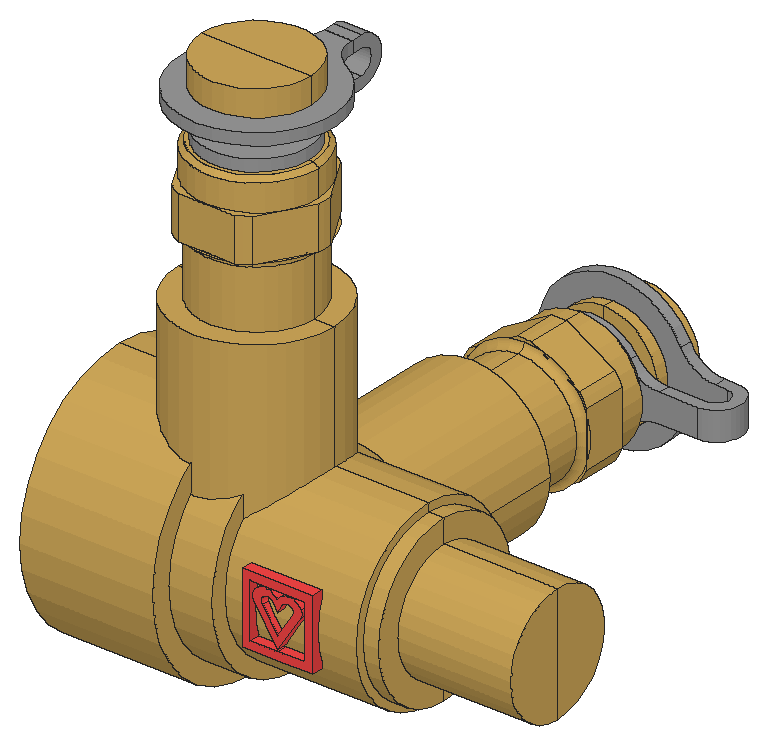
Revit family "HERZ измерительная диафрагма 4000_LF_MF", category Rohrzubehör, Revit 2020
Family settings
  Bemaßung runder Anschluss = Durchmesser verwenden
  Teiletyp = Unterbricht
  OmniClass-Nummer = 23.65.55.14
  OmniClass-Titel = Valves for Liquid Services
  Arbeitsebenenbasiert = Nein
  Immer vertikal = Ja
  Beim Laden mit Abzugskörper schneiden = Nein
  Gemeinsam genutzt = Nein
Parameters (values of type "LF")
  Среда = "Качество теплоносителя в соответствии с ÖNORM H5195 и VDI 2035.\r\nДопускается использование этилен- и пропиленгликоля в объемном соотношении 25-50 % с водой."
  Применение = "HERZ-измерительные диафрагмы устанавливаются на участках трубопроводов в системах отопления и холодоснабжения.\r\nИзмерительные диафрагмы могут устанавливаться как на подающей, так и на обратной линиях.\r\nОни устанавливаются либо вплотную к HERZ балансировочному клапану, образуя комплект, либо используются вместе с HERZ запорным клапаном.\r\nУчастки балансируются с помощью настроек балансировочного клапана при измерении потери давления на измерительной диафрагме."
  Номер заказа [instance] = if(and(LF, Nennweite = 15.00 mm), 1400011, if(and(MF, Nennweite = 15.00 mm), 1400021, 0))  # 1400011
  Мин. рабочая температура = -20 °C  # constant formula
  Макс. рабочее давление = 2000000.0 Pa  # constant formula
  Корпус = "латунь, CC770S"  # constant formula
  Исполнение = "Корпус измерительной диафрагмы выполнен из латуни, устойчивой к селективной цинковой коррозии.\r\nДва измерительных клапана встроены в диафрагму.\r\nСогласно EN 10226 на входе в диафрагму - муфта с внутренней резьба Rp и на выходе - наружная резьба R."
  kvs-значения [instance] = if(and(LF, Nennweite = 15.00 mm), 0.55, if(and(MF, Nennweite = 15.00 mm), 1.1, 0))  # 0.55
  Vorgabe-Ansicht = 0.00 mm
  URL = "www.herz-armaturen.ru"
  SCRNSEQ = "AWI;AWI_TYP=\"1001\";02"
  SCRNCODE = "02;01;02"  # constant formula
  S03 = 10.00 mm  # constant formula
  S02 [instance] = S01 - 10.00 mm  # 17.50 mm
  S01 [instance] = H01  # 27.50 mm
  R01 [instance] = 10.00 mm  # constant formula
  Nennweite [instance] = 15.00 mm  # constant formula
  Измерительные клапаны = "латунь, CW602N"  # constant formula
  Макс. рабочая температура (до DN32) = 130 °C  # constant formula
  Макс. рабочая температура (от DN40) = 110 °C  # constant formula
  MF = no
  LO01 [instance] = 30.00 mm  # constant formula
  LF = yes
  L05 [instance] = 23.00 mm  # constant formula
  L04 [instance] = 16.50 mm  # constant formula
  L03 [instance] = 22.60 mm  # constant formula
  L02 [instance] = 17.00 mm  # constant formula
  L01 [instance] = 17.50 mm  # constant formula
  L00 [instance] = 56.00 mm  # constant formula
  IG [instance] = Nennweite / 2  # 7.50 mm
  Hersteller = "HERZ Armaturen Ges.m.b.H."  # constant formula
  H01 [instance] = 27.50 mm  # constant formula
  GT1 [instance] = 14.50 mm  # constant formula
  GT [instance] = 13.00 mm  # constant formula
  D04 [instance] = D03 - 1.00 mm  # 10.50 mm
  D03 [instance] = 11.50 mm  # constant formula
  D02 [instance] = 13.50 mm  # constant formula
  D01 [instance] = 16.00 mm  # constant formula
  AG [instance] = Nennweite / 2  # 7.50 mm
Types (3, lengths in mm): name | Номер заказа | kvs-значения | MF | LF
  (no name) | 1400011 | 0.55 | no | yes
  LF | 1400011 | 0.55 | no | yes
  MF | 1400021 | 1.1 | yes | no
Reference planes
  plane 1 "Mitte (Vorne/hinten)": y = 0
  plane 2: z = 0
  plane 3 "Mitte (Links/rechts)": x = 0
Forms (mm)
  Revolve 1, solid, material "Messing, weicher Gelbton, geschweißt", detail levels fine
    sketch origin (0, 0, 0) x (1, 0, 0) y (0, 0, 1)
      loop
        line (-4.5, 0) -> (38.5, 0) -> (38.5, 7.5) -> (24, 7.5) -> (24, 10.5) -> (22, 10.5) -> (22, 11.5) -> (5.1, 11.5) -> (5.1, 13.5) -> (-0.5, 13.5) -> (-0.5, 16) -> (-17.5, 16) -> (-17.5, 7.5) -> (-4.5, 7.5) -> (-4.5, 0)
      axis (-17.5, 0) -> (38.5, 0)
    angle from 0 to 360
  Revolve 2, solid, material "Messing, weicher Gelbton, geschweißt", detail levels fine
    sketch origin (0, 0, 0) x (1, 0, 0) y (0, 0, 1)
      loop
        line (-10, 7.5) -> (0, 7.5) -> (0, 27.5) -> (-10, 27.5) -> (-10, 7.5)
      axis (0, 27.5) -> (0, 7.5)
    angle from 0 to 360
  Revolve 3, solid, material "Messing, weicher Gelbton, geschweißt", detail levels fine
    sketch origin (0, 0, 0) x (1, 0, 0) y (0, 1, 0)
      loop
        line (5.5, 7.5) -> (15.5, 7.5) -> (15.5, 27.5) -> (5.5, 27.5) -> (5.5, 7.5)
      axis (5.5, 27.5) -> (5.5, 7.5)
    angle from 0 to 360
Lines and regions (mm)
  model lines, detail levels coarse+medium
    curve 1: line (-17.5, 0, 0) -> (0.5, 0, 0)
    curve 2: line (10.5, 0, -27.5) -> (10.5, 0, 27.5)
    curve 3: line (20.5, 0, 17.5) -> (20.5, 0, -17.5)
    curve 4: line (20.5, 0, 0) -> (38.5, 0, 0)
    curve 5: line (0.5, 0, 17.5) -> (0.5, 0, -17.5)
    curve 6: line (-17.5, 0, 0) -> (0.5, 0, 0)
    curve 7: line (10.5, 27.5, 0) -> (10.5, -27.5, 0)
    curve 8: line (0.5, 17.5, 0) -> (0.5, -17.5, 0)
    curve 9: line (20.5, 17.5, 0) -> (20.5, -17.5, 0)
    curve 10: line (20.5, 0, 0) -> (38.5, 0, 0)
Dimensions and locks
  "L00": Revolve 1 sketch curve to Revolve 1 sketch curve
  "GT": Revolve 1 sketch curve to Revolve 1 sketch curve
  "L01": plane 3 "Mitte (Links/rechts)" to Revolve 1 sketch curve
  "GT1": Revolve 1 sketch curve to Revolve 1 sketch curve
  "L02": Revolve 1 sketch curve to Revolve 1 sketch curve
  "L03": Revolve 1 sketch curve to Revolve 1 sketch curve
  "L04": Revolve 1 sketch curve to Revolve 1 sketch curve
  "AG": Revolve 1 sketch curve to plane 2
  "IG": Revolve 1 sketch curve to plane 2
  "D01": Revolve 1 sketch curve to plane 2
  "D02": Revolve 1 sketch curve to plane 2
  "D03": Revolve 1 sketch curve to plane 2
  "D04": Revolve 1 sketch curve to plane 2
  "D03": nested 1 to plane 1 "Mitte (Vorne/hinten)"
  "LO01": Revolve 1 to nested 1
  "IG": Revolve 2 sketch curve to plane 2
  "H01": Revolve 2 sketch curve to plane 2
  "R01": plane 3 "Mitte (Links/rechts)" to Revolve 2 sketch curve
  "H01": nested 2 to plane 2
  "IG": plane 1 "Mitte (Vorne/hinten)" to Revolve 3 sketch curve
  "H01": plane 1 "Mitte (Vorne/hinten)" to Revolve 3 sketch curve
  "R01": Revolve 3 sketch curve to Revolve 3 sketch curve
  "L05": Revolve 1 to Revolve 3 sketch curve  (x2)
  "H01": plane 1 "Mitte (Vorne/hinten)" to nested 3
  "L05": Revolve 1 to nested 3
  "L01": Revolve 1 to nested 2
  "S01": curve 2 to curve 4 to curve 2
  "L00": curve 1 to curve 4
  "S02": curve 3 to curve 4 to curve 3
  "S03": curve 2 to curve 3
  "S03": curve 2 to curve 5
  equal spacing: curve 4, curve 2, curve 1
  "S02": curve 5 to curve 1 to curve 5
  "L01": plane 3 "Mitte (Links/rechts)" to curve 1
  "L00": curve 6 to curve 10
  equal spacing: curve 6, curve 7, curve 10
  "S03": curve 8 to curve 7 to curve 9
  "S02": curve 9 to curve 10 to curve 9
  "S02": curve 8 to curve 6 to curve 8
  "S01": curve 7 to curve 10 to curve 7
  "L01": curve 6 to plane 3 "Mitte (Links/rechts)"
  aligned and locked: level to plane 2
Automatic sketch dimensions
  curve 4 to level = 0.00 mm
  curve 1 to level = 0.00 mm
  plane 1 "Mitte (Vorne/hinten)" to curve 10 = 0.00 mm
  plane 1 "Mitte (Vorne/hinten)" to curve 6 = 0.00 mm
  Revolve 1 sketch curve to level = 0.00 mm  (x2)
  Revolve 1 sketch curve to Revolve 1 sketch curve = 1489.03 mm
  Revolve 1 sketch curve to Revolve 1 sketch curve = 1800.648 mm
  Revolve 2 sketch curve to plane 3 "Mitte (Links/rechts)" = 0.00 mm  (x2)
  Revolve 2 sketch curve to level = 366.045 mm
  Revolve 2 sketch curve to Revolve 2 sketch curve = 2186.815 mm
  Revolve 3 sketch curve to Revolve 3 sketch curve = 0.00 mm  (x2)
Nested families
  nested 1: "Herz-Logo-vorne" at (12.5, -11.5, 0) x (0, 1, 0) z (0, 0, 1), type "Herz-Logo-vorne", detail levels fine
  nested 2: "Messstutzen_Band_Eintritt_senkrecht_(oben)" at (0, 0, 18.5), type "Messstutzen_Band_Eintritt_senkrecht_(oben)", detail levels fine
    with Schutzkappe yes, Nennweite 0.00 mm, Gewicht 0.00 kg, Bestellnummer 0
  nested 3: "Messstutzen_Band_Austritt_waagrecht" at (5.5, 18.5, 0) x (0, -1, 0) z (0, 0, 1), type "Messstutzen_Band_Austritt_waagrecht", detail levels fine
    with Schutzkappe yes, Nennweite 0.00 mm, Gewicht 0.00 kg, Bestellnummer 0
Connectors
  piping at (-4.5, 0, 0), diameter 15, driven by "Nennweite"
    settings: on Revolve 1, index 1, connector inside diameter 609.6 mm, connector length 0.00 mm, flow factor 0, pipe flow 0.0 L/s, pressure drop 0.0 Pa, fitting loss kfactor 0, connector angle 0.00°, fixture units 0, engagement length 0.00 mm, angle of deflection 0.00°, flow configuration 0, flow direction 1, fitting loss method 0, system type 29, joint type 0, gender type 0, connector reference index -1, connector utility 0, adjustable connector no, is connector primary yes, connector description ""
  piping at (38.5, 0, 0), diameter 15, driven by "Nennweite"
    settings: on Revolve 1, index 2, connector inside diameter 609.6 mm, connector length 0.00 mm, flow factor 0, pipe flow 0.0 L/s, pressure drop 0.0 Pa, fitting loss kfactor 0, connector angle 0.00°, fixture units 0, engagement length 0.00 mm, angle of deflection 0.00°, flow configuration 0, flow direction 2, fitting loss method 0, system type 29, joint type 0, gender type 0, connector reference index -1, connector utility 0, adjustable connector no, is connector primary no, connector description ""
Definition of nested family "Herz-Logo-vorne"
  Parameters (values of type "Herz-Logo-vorne")
    Default Elevation = 0.00 mm
  Reference planes
    plane 1 "Mitte (Vorne/hinten)": y = 0
    plane 2: z = 0
    plane 3 "Mitte (Links/rechts)": x = 0
  Forms (mm)
    Extrusion 1, solid
      sketch origin (0.732, -0.018, 0.017) x (0, -1, 0) y (0, 0, 1)
        loop
          line (-0.018, -4.517) -> (4.482, -4.517) -> (4.482, 4.483) -> (-4.518, 4.483) -> (-4.518, -4.517) -> (-0.018, -4.517)
        loop
          line (-0.05, -3.48) -> (3.482, -3.48) -> (3.482, 3.483) -> (-3.518, 3.483) -> (-3.518, -3.48) -> (-0.05, -3.48)
        loop
          arc (-0.018, 2.383) -> (-1.543, 3.287) -> (-3.067, 2.383) r 1.738
          arc (-3.067, 2.383) -> (-3.191, 1.899) -> (-3.067, 1.415) r 1.009
          line (-3.067, 1.415) -> (-0.018, -3.281) -> (3.032, 1.415)
          arc (3.032, 1.415) -> (3.156, 1.899) -> (3.032, 2.383) r 1.009
          arc (3.032, 2.383) -> (1.507, 3.287) -> (-0.018, 2.383) r 1.738
        loop
          arc (1.885, 1.272) -> (2.005, 1.675) -> (1.885, 2.079) r 0.74
          arc (1.885, 2.079) -> (1.265, 2.416) -> (0.644, 2.079) r 0.74
          line (0.644, 2.079) -> (-0.018, 0.97) -> (-0.679, 2.079)
          arc (-0.679, 2.079) -> (-1.3, 2.416) -> (-1.921, 2.079) r 0.74
          arc (-1.921, 2.079) -> (-2.04, 1.675) -> (-1.921, 1.272) r 0.74
          line (-1.921, 1.272) -> (-0.018, -1.658) -> (1.885, 1.272)
      from 0 to 1.5
  Dimensions and locks
    aligned and locked: level to plane 2
Definition of nested family "Messstutzen_Band_Eintritt_senkrecht_(oben)"
  Parameters (values of type "Messstutzen_Band_Eintritt_senkrecht_(oben)")
    Default Elevation = 0.00 mm
    URL = "www.herz-armaturen.at"
    Schutzkappe [instance] = yes
    Nennweite [instance] = 0.00 mm
    Manufacturer = "Herz Armaturen GmbH"  # constant formula
    Gewicht [instance] = 0.00 kg
    Bestellnummer [instance] = 0
  Reference planes
    plane 1 "Mitte (Vorne/hinten)": y = 0
    plane 2: z = 0
    plane 3 "Mitte (Links/rechts)": x = 0
    plane 4 "Schlaufe 1": z = -27
    plane 5 "Schlaufe 2": z = -31.678
  Forms (mm)
    Revolve 1, solid, detail levels fine
      sketch origin (0, 0, 0) x (1, 0, 0) y (0, 0, 1)
        loop
          line (-7.4, 9) -> (-5.55, 9) -> (-5.55, 6)
          arc (-5.55, 6) -> (-5.626, 5.617) -> (-5.843, 5.293) r 1
          line (-5.843, 5.293) -> (-6.455, 4.681) -> (-6.455, 0.9) -> (-5.555, 0) -> (-2, 0) -> (-2, 17.5) -> (-8.4, 17.5)
          arc (-8.4, 17.5) -> (-7.693, 17.207) -> (-7.4, 16.5) r 1
          line (-7.4, 16.5) -> (-7.4, 9)
        loop
          line (-3.7, 27) -> (-7.3, 27) -> (-7.9, 26.4) -> (-7.9, 23) -> (-2, 23) -> (-2, 35.8) -> (-3.805, 35.8) -> (-4.415, 35.19) -> (-4.415, 30.863) -> (-3.7, 30.45) -> (-3.7, 27)
        axis (0, 0) -> (0, 35.8)
      angle from 0 to 360
    Extrusion 2, solid, detail levels fine
      sketch origin (0, 0, 17.5) x (0, 1, 0) y (-1, 0, 0)
        loop
          arc (-7.07, 5.156) -> (-7.578, 4.375) -> (-8, 3.544) r 8.75
          line (-8, 3.544) -> (-8, -3.544)
          arc (-8, -3.544) -> (-7.578, -4.375) -> (-7.07, -5.156) r 8.75
          line (-7.07, -5.156) -> (-0.93, -8.7)
          arc (-0.93, -8.7) -> (0, -8.75) -> (0.93, -8.7) r 8.75
          line (0.93, -8.7) -> (7.07, -5.156)
          arc (7.07, -5.156) -> (7.578, -4.375) -> (8, -3.544) r 8.75
          line (8, -3.544) -> (8, 3.544)
          arc (8, 3.544) -> (7.578, 4.375) -> (7.07, 5.156) r 8.75
          line (7.07, 5.156) -> (0.93, 8.7)
          arc (0.93, 8.7) -> (0, 8.75) -> (-0.93, 8.7) r 8.75
          line (-0.93, 8.7) -> (-7.07, 5.156)
      from 0 to 5.5
    Revolve 3, solid, visible <- "Schutzkappe", detail levels fine
      sketch origin (0, 0, 0) x (1, 0, 0) y (0, 0, 1)
        loop
          line (0, 35.878) -> (0, 36.678) -> (-7, 36.678) -> (-7, 33.378) -> (-6.1, 33.378) -> (-6.1, 31.678) -> (-6.9, 31.678) -> (-6.9, 30.178) -> (-4.415, 30.178) -> (-4.415, 35.268) -> (-3.805, 35.878) -> (0, 35.878)
        axis (0, 30.178) -> (0, 36.678)
      angle from 0 to 360
    Extrusion 4, solid, detail levels fine
      sketch origin (0, 0, 28.5) x (1, 0, 0) y (0, 1, 0)
        loop
          circle (0, 0) r 3.7
        loop
          arc (-3.906, 5.505) -> (0, -6.75) -> (3.906, 5.505) r 6.75
          arc (3.906, 5.505) -> (2.358, 7.288) -> (1.8, 9.582) r 5
          line (1.8, 9.582) -> (-1.8, 9.582)
          arc (-1.8, 9.582) -> (-2.358, 7.288) -> (-3.906, 5.505) r 5
      from 0 to -1.5
    Extrusion 5, solid, detail levels fine
      sketch origin (0, 0, 33.178) x (1, 0, 0) y (0, 1, 0)
        loop
          circle (0, 0) r 6.1
        loop
          arc (-4.495, 8.652) -> (0, -9.75) -> (4.495, 8.652) r 9.75
          arc (4.495, 8.652) -> (2.527, 10.493) -> (1.8, 13.089) r 5
          line (1.8, 13.089) -> (-1.8, 13.089)
          arc (-1.8, 13.089) -> (-2.527, 10.493) -> (-4.495, 8.652) r 5
      from 0 to -1.5
    Sweep 6, solid, detail levels fine
      path origin (0, 0, 0) x (0, 0, -1) y (0, -1, 0)
        loop
          line (-27.75, -9.582) -> (-27.75, -14.522)
          arc (-27.75, -14.522) -> (-30.089, -16.862) -> (-32.428, -14.522) r 2.339
          line (-32.428, -14.522) -> (-32.428, -13.089)
      profile origin (0, 12.052, 27.75) x (0, 0, 1) y (1, 0, 0)
        loop
          line (-0.75, -1.8) -> (0.75, -1.8) -> (0.75, 1.8) -> (-0.75, 1.8) -> (-0.75, -1.8)
  Dimensions and locks
    aligned and locked: level to plane 2
Definition of nested family "Messstutzen_Band_Austritt_waagrecht"
  Parameters (values of type "Messstutzen_Band_Austritt_waagrecht")
    Default Elevation = 0.00 mm
    URL = "www.herz-armaturen.at"
    Schutzkappe [instance] = yes
    Nennweite [instance] = 0.00 mm
    Manufacturer = "Herz Armaturen GmbH"  # constant formula
    Gewicht [instance] = 0.00 kg
    Bestellnummer [instance] = 0
  Reference planes
    plane 1 "Mitte (Vorne/hinten)": y = 0
    plane 2: z = 0
    plane 3 "Mitte (Links/rechts)": x = 0
  Forms (mm)
    Revolve 1, solid, detail levels fine
      sketch origin (0, 0, 0) x (0, 0, -1) y (1, 0, 0)
        loop
          line (-7.4, -9) -> (-7.4, -16.5)
          arc (-7.4, -16.5) -> (-7.693, -17.207) -> (-8.4, -17.5) r 1
          line (-8.4, -17.5) -> (-2, -17.5) -> (-2, 0) -> (-5.555, 0) -> (-6.455, -0.9) -> (-6.455, -4.681) -> (-5.843, -5.293)
          arc (-5.843, -5.293) -> (-5.626, -5.617) -> (-5.55, -6) r 1
          line (-5.55, -6) -> (-5.55, -9) -> (-7.4, -9)
        loop
          line (-3.7, -27) -> (-3.7, -30.45) -> (-4.415, -30.863) -> (-4.415, -35.19) -> (-3.805, -35.8) -> (-2, -35.8) -> (-2, -23) -> (-7.9, -23) -> (-7.9, -26.4) -> (-7.3, -27) -> (-3.7, -27)
        axis (0, 0) -> (0, -35.8)
      angle from 0 to 360
    Extrusion 2, solid, detail levels fine
      sketch origin (-17.5, 0, 0) x (0, 0, 1) y (0, 1, 0)
        loop
          line (5.156, -7.07) -> (8.7, -0.93)
          arc (8.7, -0.93) -> (8.75, 0) -> (8.7, 0.93) r 8.75
          line (8.7, 0.93) -> (5.156, 7.07)
          arc (5.156, 7.07) -> (4.375, 7.578) -> (3.544, 8) r 8.75
          line (3.544, 8) -> (-3.544, 8)
          arc (-3.544, 8) -> (-4.375, 7.578) -> (-5.156, 7.07) r 8.75
          line (-5.156, 7.07) -> (-8.7, 0.93)
          arc (-8.7, 0.93) -> (-8.75, 0) -> (-8.7, -0.93) r 8.75
          line (-8.7, -0.93) -> (-5.156, -7.07)
          arc (-5.156, -7.07) -> (-4.375, -7.578) -> (-3.544, -8) r 8.75
          line (-3.544, -8) -> (3.544, -8)
          arc (3.544, -8) -> (4.375, -7.578) -> (5.156, -7.07) r 8.75
      from 0 to 5.5
    Revolve 3, solid, visible <- "Schutzkappe", detail levels fine
      sketch origin (0, 0, 0) x (0, 0, -1) y (1, 0, 0)
        loop
          line (0, -35.878) -> (-3.805, -35.878) -> (-4.415, -35.268) -> (-4.415, -30.178) -> (-6.9, -30.178) -> (-6.9, -31.678) -> (-6.1, -31.678) -> (-6.1, -33.378) -> (-7, -33.378) -> (-7, -36.678) -> (0, -36.678) -> (0, -35.878)
        axis (0, -30.178) -> (0, -36.678)
      angle from 0 to 360
    Extrusion 4, solid, detail levels fine
      sketch origin (-27, 0, 0) x (0, 1, 0) y (0, 0, 1)
        loop
          circle (0, 0) r 3.7
        loop
          arc (5.505, 3.906) -> (-6.75, 0) -> (5.505, -3.906) r 6.75
          arc (5.505, -3.906) -> (7.288, -2.358) -> (9.582, -1.8) r 5
          line (9.582, -1.8) -> (9.582, 1.8)
          arc (9.582, 1.8) -> (7.288, 2.358) -> (5.505, 3.906) r 5
      from 0 to -1.5
    Extrusion 5, solid, detail levels fine
      sketch origin (-31.678, 0, 0) x (0, 1, 0) y (0, 0, 1)
        loop
          circle (0, 0) r 6.1
        loop
          arc (8.652, 4.495) -> (-9.75, 0) -> (8.652, -4.495) r 9.75
          arc (8.652, -4.495) -> (10.493, -2.527) -> (13.089, -1.8) r 5
          line (13.089, -1.8) -> (13.089, 1.8)
          arc (13.089, 1.8) -> (10.493, 2.527) -> (8.652, 4.495) r 5
      from 0 to -1.5
    Sweep 6, solid, detail levels fine
      path origin (0, 0, 0) x (0, -1, 0) y (1, 0, 0)
        loop
          line (-9.582, -27.75) -> (-14.522, -27.75)
          arc (-14.522, -27.75) -> (-16.862, -30.089) -> (-14.522, -32.428) r 2.339
          line (-14.522, -32.428) -> (-13.089, -32.428)
      profile origin (-27.75, 12.052, 0) x (-1, 0, 0) y (0, 0, 1)
        loop
          line (-0.75, 1.8) -> (-0.75, -1.8) -> (0.75, -1.8) -> (0.75, 1.8) -> (-0.75, 1.8)
  Cuts and joins
    joined: Extrusion 4, Extrusion 5, Sweep 6
  Dimensions and locks
    aligned and locked: level to plane 2
